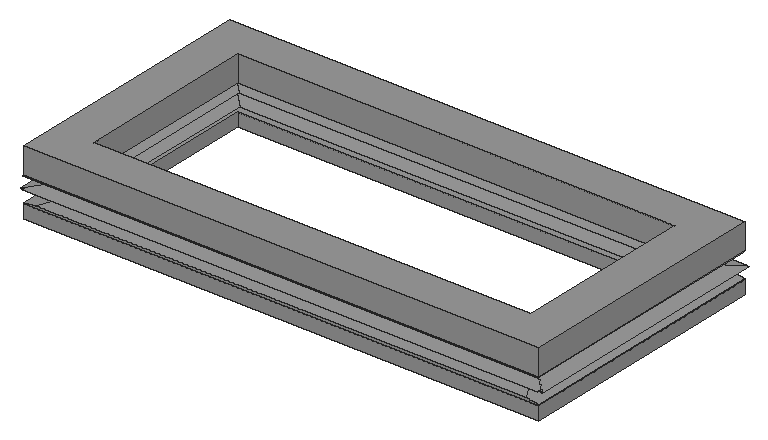
Revit family "protivipozarnae_stora_firetechnics-s_garmoshka", category Двери, Revit 2018
Family settings
  На основе рабочей плоскости = Нет
  Всегда вертикально = Да
  При загрузке вырезать с полостями = Нет
  Общий = Нет
  Точка расчета площади = Нет
Parameters (values of type "Противопожарные шторы FireTechnics-S «Гармошка»")
  ширина короба = 300 mm  # constant formula
  Штора закрыта [instance] = yes
  Внутренняя ширина = ADSK_Размер_Ширина - 600 mm  # 3400 mm
  Разработано = "support@bimlib.ru"  # constant formula
  Материал полотна = Полотно
  Материал короба = Сталь_оцинкованная_листовая_1мм_Firetechnics
  Изготовитель = "Firetechnics"  # constant formula
  Заданная высота [instance] = if(Штора закрыта, 500 mm, ADSK_Размер_Высота)  # 500 mm
  Внутренняя длина = ADSK_Размер_Длина - 600 mm  # 1400 mm
  Высота нижнего короба = 100 mm  # constant formula
  Высота верхнего короба = 200 mm  # constant formula
  Аналитическая конструкция = "<Нет>"
  URL = "https://www.fire-tec.ru/"
  ADSK_Размер_Ширина = 4000 mm
  ADSK_Размер_Длина = 2000 mm
  ADSK_Размер_Высота = 5000 mm
  ADSK_Примечание [instance] = ""
  ADSK_Предел огнестойкости = "EI120"  # constant formula
  ADSK_Позиция [instance] = ""
  ADSK_Обозначение = ""
  ADSK_Наименование = "Протипожарная штора Firetechnics-S \"Гармошка\" EI120"
  ADSK_Масса_Текст = ""
  ADSK_Завод-изготовитель = Изготовитель  # "Firetechnics"
  ADSK_Единица измерения = ""
  ADSK_URL страницы изделия = "https://www.fire-tec.ru/catalog/protivopozharnye-shtory/protivopozharnye-shtory-fireshields-garmoshka/"
  ADSK_URL документации изделия = ""
Reference planes
  plane 1 "По центру (Вперед/Назад)": y = 0
  plane 2: z = 0
  plane 3 "По центру (Влево/Вправо)": x = 0
  plane 4: x = -1700
  plane 5: x = 1700
  plane 6: y = 700
  plane 7: y = -700
  plane 8: x = -2000
  plane 9: y = -1000
  plane 10: x = 2000
  plane 11: y = 1000
  plane 12: z = 100
  plane 13: z = 300
  plane 14: z = 500
  plane 15: z = 150
  plane 16: z = 200
  plane 17: z = 250
  plane 18: through (4267.2, -863.137, 95.312) normal (0, -0.9213, 0.3889)
  plane 19: through (4267.2, -863.137, 903.003) normal (0, 0.9186, 0.3952)
  plane 20: through (4267.2, -691.033, 1303.003) normal (0, 0.9213, -0.3889)
  plane 21: through (4267.2, -863.137, 1747.394) normal (0, 0.9325, 0.3611)
  plane 22: through (4267.2, 863.137, 95.312) normal (0, -0.9213, -0.3889)
  plane 23: through (4267.2, 863.137, 903.003) normal (0, 0.9186, -0.3952)
  plane 24: through (4267.2, 691.033, 1303.003) normal (0, 0.9213, 0.3889)
  plane 25: through (4267.2, 863.137, 1747.394) normal (0, 0.9325, -0.3611)
  plane 26: through (-1040, -1524, 100) normal (-0.1644, 0, 0.9864)
  plane 27: through (-1040, -1524, 200) normal (0.1644, 0, 0.9864)
  plane 28: through (-740, -1524, 250) normal (0.1644, 0, -0.9864)
  plane 29: through (-1040, -1524, 300) normal (0.1644, 0, 0.9864)
  plane 30: through (1040, -1524, 100) normal (-0.1644, 0, -0.9864)
  plane 31: through (1040, -1524, 200) normal (0.1644, 0, -0.9864)
  plane 32: through (740, -1524, 250) normal (0.1644, 0, 0.9864)
  plane 33: through (1040, -1524, 300) normal (0.1644, 0, -0.9864)
  plane 34: x = -2100
  plane 35: x = 2100
  plane 36: y = -1200
  plane 37: y = 1200
Forms (mm)
  Extrusion 1, solid, material "Сталь_оцинкованная_листовая_1мм_Firetechnics" <- "Материал короба"
    sketch origin (0, 0, 0) x (1, 0, 0) y (0, 1, 0)
      loop
        line (-2000, 1000) -> (-2000, -1000) -> (2000, -1000) -> (2000, 1000) -> (-2000, 1000)
      loop
        line (-1700, 700) -> (-1700, -700) -> (1700, -700) -> (1700, 700) -> (-1700, 700)
    from 300 to 500
  Extrusion 2, solid, material "Сталь_оцинкованная_листовая_1мм_Firetechnics" <- "Материал короба"
    sketch origin (0, 0, -1752.082) x (1, 0, 0) y (0, 1, 0)
      loop
        line (-2000, 1000) -> (-2000, -1000) -> (2000, -1000) -> (2000, 1000) -> (-2000, 1000)
      loop
        line (-1700, 700) -> (-1700, -700) -> (1700, -700) -> (1700, 700) -> (-1700, 700)
    from 1747.394 to 1852.082
  Extrusion 3, solid, material "Полотно" <- "Материал полотна"
    sketch origin (0, 0, 0) x (0, 1, 0) y (0, 0, 1)
      loop
        line (-1000, 120) -> (-1000, 100) -> (-988.937, 100) -> (-688.937, 150) -> (-978.443, 200) -> (-681.69, 250) -> (-981.69, 300) -> (-1011.69, 300) -> (-711.69, 250) -> (-1008.443, 200) -> (-708.443, 150) -> (-1000, 120)
    from -2000 to 2000
  Extrusion 4, solid, material "Полотно" <- "Материал полотна"
    sketch origin (0, 0, 0) x (0, -1, 0) y (0, 0, -1)
      loop
        line (-1000, -120) -> (-708.443, -150) -> (-1008.443, -200) -> (-711.69, -250) -> (-1011.69, -300) -> (-981.69, -300) -> (-681.69, -250) -> (-978.443, -200) -> (-688.937, -150) -> (-988.937, -100) -> (-1000, -100) -> (-1000, -120)
    from -2000 to 2000
  Extrusion 5, solid, material "Полотно" <- "Материал полотна"
    sketch origin (0, 0, 0) x (1, 0, 0) y (0, 0, 1)
      loop
        line (-2000, 100) -> (-1975, 100) -> (-1675, 150) -> (-1975, 200) -> (-1675, 250) -> (-1975, 300) -> (-2000, 300) -> (-2000, 295) -> (-1730, 250) -> (-2030, 200) -> (-1730, 150) -> (-2000, 105) -> (-2000, 100)
    from -1000 to 1000
  Extrusion 6, solid, material "Полотно" <- "Материал полотна"
    sketch origin (0, 0, 0) x (-1, 0, 0) y (0, 0, -1)
      loop
        line (-2000, -100) -> (-2000, -105) -> (-1730, -150) -> (-2030, -200) -> (-1730, -250) -> (-2000, -295) -> (-2000, -300) -> (-1975, -300) -> (-1675, -250) -> (-1975, -200) -> (-1675, -150) -> (-1975, -100) -> (-2000, -100)
    from -1000 to 1000
  Extrusion 7, void
    sketch origin (0, 0, 0) x (1, 0, 0) y (0, 0, 1)
      loop
        line (-2000, 300) -> (-2100, 300) -> (-2100, 100) -> (-2000, 100) -> (-2000, 105) -> (-1730, 150) -> (-2030, 200) -> (-1730, 250) -> (-2000, 295) -> (-2000, 300)
      loop
        line (1730, 250) -> (2030, 200) -> (1730, 150) -> (2000, 105) -> (2000, 100) -> (2100, 100) -> (2100, 300) -> (2000, 300) -> (2000, 295) -> (1730, 250)
    from -1200 to 1200
  Extrusion 8, void
    sketch origin (0, 0, 0) x (0, 1, 0) y (0, 0, 1)
      loop
        line (711.69, 250) -> (1008.443, 200) -> (708.443, 150) -> (1000, 120) -> (1000, 100) -> (1200, 100) -> (1200, 300) -> (999.772, 300) -> (999.772, 298.014) -> (711.69, 250)
      loop
        line (-1011.69, 300) -> (-1200, 300) -> (-1200, 100) -> (-1000, 100) -> (-1000, 120) -> (-708.443, 150) -> (-1008.443, 200) -> (-711.69, 250) -> (-1011.69, 300)
    from -2100 to 2100
Cuts and joins
  Extrusion 7, Extrusion 8 cuts Extrusion 3
  Extrusion 7, Extrusion 8 cuts Extrusion 4
  Extrusion 7, Extrusion 8 cuts Extrusion 5
  Extrusion 7, Extrusion 8 cuts Extrusion 6
  joined: Extrusion 3, Extrusion 4, Extrusion 5, Extrusion 6
  Extrusion 8 cuts Extrusion 1
Lines and regions (mm)
  symbolic lines
    curve 1: line (-2000, 1008.443, 0) -> (-2000, -1011.69, 0)
    curve 2: line (-2000, -1011.69, 0) -> (2000, -1011.69, 0)
    curve 3: line (2000, -1011.69, 0) -> (2000, 1008.443, 0)
    curve 4: line (2000, 1008.443, 0) -> (-2000, 1008.443, 0)
Dimensions and locks
  equal spacing: plane 6, plane 1 "По центру (Вперед/Назад)", plane 7
  "Внутренняя длина": plane 6 to plane 7
  equal spacing: plane 4, plane 3 "По центру (Влево/Вправо)", plane 5
  "Внутренняя ширина": plane 4 to plane 5
  "ширина короба": plane 11 to plane 6
  "ширина короба": plane 7 to plane 9
  "ширина короба": plane 8 to plane 4
  "ширина короба": plane 5 to plane 10
  "Высота верхнего короба": plane 14 to plane 13
  "Высота нижнего короба": plane 12 to level
  equal spacing: plane 13, plane 17, plane 16, plane 15, plane 12
  "Заданная высота": plane 14 to level
  locked: plane 8 to plane 34 at 100
  locked: plane 10 to plane 35 at 100
  locked: plane 11 to plane 37 at 200
  locked: plane 36 to plane 9 at 200
  aligned and locked: level to plane 2
  aligned and locked: Extrusion 1 to plane 14
  aligned and locked: Extrusion 1 to plane 13
  aligned and locked: Extrusion 3 to plane 10
  aligned and locked: Extrusion 3 to plane 8
  aligned and locked: Extrusion 3 to plane 13
  aligned and locked: Extrusion 3 to plane 12
  aligned and locked: Extrusion 2 to plane 12
  aligned and locked: Extrusion 4 to plane 10
  aligned and locked: Extrusion 4 to plane 8
  aligned and locked: Extrusion 6 to plane 9
  aligned and locked: Extrusion 6 to plane 11
  aligned and locked: Extrusion 5 to plane 9
  aligned and locked: Extrusion 5 to plane 11
  aligned and locked: plane 13 to Extrusion 7 sketch curve
  aligned and locked: Extrusion 7 sketch curve to plane 34
  aligned and locked: Extrusion 7 sketch curve to plane 12
  aligned and locked: Extrusion 7 sketch curve to cut or joined group of Extrusion 3, Extrusion 4, Extrusion 5, Extrusion 6, Extrusion 7, Extrusion 8  (x9)
  aligned and locked: plane 10 to Extrusion 7 sketch curve  (x2)
  aligned and locked: Extrusion 7 sketch curve to plane 13
  aligned and locked: Extrusion 7 sketch curve to plane 35
  aligned and locked: plane 12 to Extrusion 7 sketch curve
  aligned and locked: Extrusion 7 to plane 37
  aligned and locked: Extrusion 7 to plane 36
  aligned and locked: Extrusion 8 sketch curve to cut or joined group of Extrusion 3, Extrusion 4, Extrusion 5, Extrusion 6, Extrusion 7, Extrusion 8  (x7)
  aligned and locked: cut or joined group of Extrusion 3, Extrusion 4, Extrusion 5, Extrusion 6, Extrusion 7, Extrusion 8 to Extrusion 8 sketch curve
  aligned and locked: plane 11 to Extrusion 8 sketch curve
  aligned and locked: Extrusion 8 sketch curve to plane 13
  aligned and locked: Extrusion 8 sketch curve to plane 12
  aligned and locked: Extrusion 8 sketch curve to plane 9
  aligned and locked: plane 13 to Extrusion 8 sketch curve
  aligned and locked: Extrusion 8 sketch curve to plane 36
  aligned and locked: plane 12 to Extrusion 8 sketch curve
  aligned and locked: Extrusion 8 to plane 34
  aligned and locked: Extrusion 8 to plane 35
Automatic sketch dimensions
  Extrusion 1 sketch curve to plane 8 = 0 mm
  Extrusion 1 sketch curve to plane 4 = 0 mm
  Extrusion 1 sketch curve to plane 5 = 0 mm
  Extrusion 1 sketch curve to plane 9 = 0 mm
  Extrusion 1 sketch curve to plane 10 = 0 mm
  Extrusion 1 sketch curve to plane 7 = 0 mm
  Extrusion 1 sketch curve to plane 6 = 0 mm
  plane 11 to Extrusion 1 sketch curve = 0 mm
  Extrusion 2 sketch curve to plane 8 = 0 mm
  Extrusion 2 sketch curve to plane 4 = 0 mm
  Extrusion 2 sketch curve to plane 5 = 0 mm
  Extrusion 2 sketch curve to plane 9 = 0 mm
  Extrusion 2 sketch curve to plane 10 = 0 mm
  Extrusion 2 sketch curve to plane 7 = 0 mm
  Extrusion 2 sketch curve to plane 6 = 0 mm
  plane 11 to Extrusion 2 sketch curve = 0 mm
  plane 13 to Extrusion 3 sketch curve = 0 mm
  Extrusion 3 sketch curve to plane 16 = 0 mm  (x2)
  Extrusion 3 sketch curve to plane 9 = 0 mm
  Extrusion 3 sketch curve to plane 12 = 0 mm
  plane 17 to Extrusion 3 sketch curve = 0 mm  (x2)
  Extrusion 3 sketch curve to plane 15 = 0 mm  (x2)
  Extrusion 3 sketch curve to plane 9 = 8.443 mm
  Extrusion 3 sketch curve to plane 9 = 11.69 mm
  plane 9 to Extrusion 3 sketch curve = 11.063 mm
  plane 9 to Extrusion 3 sketch curve = 18.31 mm
  plane 9 to Extrusion 3 sketch curve = 21.557 mm
  Extrusion 3 sketch curve to plane 7 = 11.69 mm
  Extrusion 3 sketch curve to plane 7 = 8.443 mm
  plane 7 to Extrusion 3 sketch curve = 11.063 mm
  plane 7 to Extrusion 3 sketch curve = 18.31 mm
  Extrusion 3 sketch curve to Extrusion 3 sketch curve = 20 mm
  plane 13 to Extrusion 4 sketch curve = 0 mm
  Extrusion 4 sketch curve to plane 16 = 0 mm  (x2)
  Extrusion 4 sketch curve to plane 11 = 0 mm
  Extrusion 4 sketch curve to plane 12 = 0 mm
  plane 17 to Extrusion 4 sketch curve = 0 mm  (x2)
  Extrusion 4 sketch curve to plane 15 = 0 mm  (x2)
  plane 11 to Extrusion 4 sketch curve = 8.443 mm
  plane 11 to Extrusion 4 sketch curve = 11.69 mm
  Extrusion 4 sketch curve to Extrusion 4 sketch curve = 11.063 mm
  Extrusion 4 sketch curve to plane 11 = 18.31 mm
  Extrusion 4 sketch curve to plane 11 = 21.557 mm
  Extrusion 4 sketch curve to plane 6 = 11.69 mm
  Extrusion 4 sketch curve to plane 6 = 8.443 mm
  plane 6 to Extrusion 4 sketch curve = 11.063 mm
  plane 6 to Extrusion 4 sketch curve = 18.31 mm
  Extrusion 4 sketch curve to Extrusion 4 sketch curve = 20 mm
  Extrusion 5 sketch curve to plane 16 = 0 mm  (x2)
  Extrusion 5 sketch curve to plane 8 = 0 mm  (x2)
  Extrusion 5 sketch curve to plane 12 = 0 mm
  Extrusion 5 sketch curve to plane 13 = 0 mm
  Extrusion 5 sketch curve to plane 15 = 0 mm  (x2)
  Extrusion 5 sketch curve to plane 17 = 0 mm  (x2)
  Extrusion 5 sketch curve to plane 8 = 30 mm
  plane 8 to Extrusion 5 sketch curve = 25 mm  (x3)
  Extrusion 5 sketch curve to plane 4 = 30 mm  (x2)
  plane 4 to Extrusion 5 sketch curve = 25 mm  (x2)
  plane 12 to Extrusion 5 sketch curve = 5 mm
  Extrusion 5 sketch curve to Extrusion 5 sketch curve = 5 mm
  Extrusion 6 sketch curve to plane 16 = 0 mm  (x2)
  plane 10 to Extrusion 6 sketch curve = 0 mm  (x2)
  Extrusion 6 sketch curve to plane 12 = 0 mm
  Extrusion 6 sketch curve to plane 13 = 0 mm
  Extrusion 6 sketch curve to plane 15 = 0 mm  (x2)
  Extrusion 6 sketch curve to plane 17 = 0 mm  (x2)
  plane 10 to Extrusion 6 sketch curve = 30 mm
  Extrusion 6 sketch curve to plane 10 = 25 mm  (x3)
  Extrusion 6 sketch curve to plane 5 = 30 mm  (x2)
  plane 5 to Extrusion 6 sketch curve = 25 mm  (x2)
  Extrusion 6 sketch curve to Extrusion 6 sketch curve = 5 mm
  Extrusion 6 sketch curve to plane 13 = 5 mm
  Extrusion 7 sketch curve to plane 8 = 0 mm
  Extrusion 8 sketch curve to plane 37 = 0 mm
  plane 11 to Extrusion 8 sketch curve = 0.228 mm
  curve 1 to plane 8 = 0 mm
  curve 1 to plane 9 = 11.69 mm
  curve 3 to plane 11 = 8.443 mm
  curve 3 to plane 10 = 0 mm
